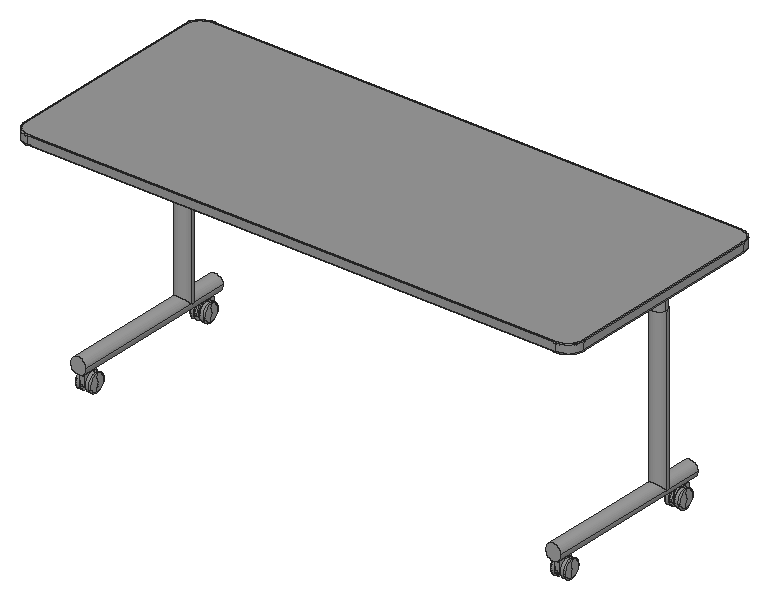
Revit family "Trios C Leg 7230 - Adjustable", category Generic Models, Revit 2018
Family settings
  Can host rebar = No
  Round Connector Dimension = Use Diameter
  Part Type = Normal
  Work Plane-Based = No
  Always vertical = Yes
  Cut with Voids When Loaded = No
  Shared = No
  Room Calculation Point = No
Parameters
  Table Height = 2' - 5 1/2"
  Surface = Trio C-Adj Leg 7230 Surface
  Leg Finish = Trio Leg Platinum
  Grommets = Trios 7230 Tabletop : Trios 7230 Tabletop
  Edgeband = Trio C-Adj Leg 7230 Edgeband
  Caster/Glider = Trios C Leg Adjustable - Casters : Trios C Leg Adjustable - Casters
Reference planes (in)
  plane 1 "Center (Front/Back)": y = 0
  plane 2: z = 0
  plane 3 "Center (Left/Right)": x = 0
  plane 4: z = 29.5
Dimensions and locks (in)
  "Table Height": plane 4 to level
  aligned and locked: plane 2 to level
  aligned and locked: nested 3 to plane 4
Nested families (in)
  nested 1: "Trios C Leg Adjustable - Casters" at (-30.58071, 0, 0), type <- "Caster/Glider", type "Trios C Leg Adjustable - Casters"
    with Leg Height 2' - 5 1/2"
  nested 2: "Trios C Leg Adjustable - Casters" at (30.58071, 0, 0) x (-1, 0, 0) z (0, 0, 1), type <- "Caster/Glider", type "Trios C Leg Adjustable - Casters"
    with Leg Height 2' - 5 1/2"
  nested 3: "Trios 7230 Tabletop" at (0, 0, 1.73202), type <- "Grommets", type "Trios 7230 Tabletop"
Definition of nested family "Trios C Leg Adjustable - Casters"
  Parameters (values of type "Trios C Leg Adjustable - Casters")
    Leg Height = 2' - 0.86283"
    Leg Finish = none
  Reference planes (in)
    plane 1 "Center (Front/Back)": y = 0
    plane 2: z = 0
    plane 3 "Center (Left/Right)": x = 0
  Forms (in)
    Revolve 1, solid
      sketch origin (24.58071, -9.2026, 0) x (1, 0, 0) y (0, 0, 1)
        loop
          line (-24.97071, 0.96467) -> (-24.19071, 0.96467) -> (-24.19071, 0) -> (-23.75169, 0)
          arc (-23.75169, 0) -> (-23.6768, 0.03102) -> (-23.64578, 0.10591) r 0.10591
          arc (-23.64578, 0.10591) -> (-23.60985, 0.63116) -> (-23.59787, 1.1575) r 11.56601
          line (-23.59787, 1.1575) -> (-25.56355, 1.1575)
          arc (-25.56355, 1.1575) -> (-25.55156, 0.63116) -> (-25.51564, 0.10591) r 11.56601
          arc (-25.51564, 0.10591) -> (-25.48462, 0.03102) -> (-25.40973, 0) r 0.10591
          line (-25.40973, 0) -> (-24.97071, 0) -> (-24.97071, 0.96467)
        axis (-23.59787, 1.1575) -> (-25.56355, 1.1575)
      angle from 0 to 360
    Extrusion 2, solid
      sketch origin (24.58071, -2.50544, 0) x (0, 1, 0) y (0, 0, 1)
        loop
          line (-7.72966, 0.8701) -> (-5.67751, 0.8701)
          arc (-5.67751, 0.8701) -> (-5.59637, 0.90001) -> (-5.55407, 0.97544) r 0.125
          arc (-5.55407, 0.97544) -> (-5.81666, 1.90885) -> (-6.69716, 2.315) r 1.1575
          line (-6.69716, 2.315) -> (-7.72966, 2.315)
          arc (-7.72966, 2.315) -> (-7.81805, 2.27839) -> (-7.85466, 2.19) r 0.125
          line (-7.85466, 2.19) -> (-7.85466, 0.9951)
          arc (-7.85466, 0.9951) -> (-7.81805, 0.90671) -> (-7.72966, 0.8701) r 0.125
      from -24.89567 to -24.26575
    Revolve 3, solid
      sketch origin (24.58071, -9.99, 0) x (1, 0, 0) y (0, 0, 1)
        loop
          line (-24.58071, 2.74648) -> (-24.58071, 2.315) -> (-24.39321, 2.315) -> (-24.39321, 2.402) -> (-24.26248, 2.402) -> (-24.26248, 2.55948) -> (-24.39321, 2.55948) -> (-24.39321, 2.74648) -> (-24.58071, 2.74648)
        axis (-24.58071, 2.315) -> (-24.58071, 2.74648)
      angle from 0 to 360
    Extrusion 4, solid
      sketch origin (24.58071, -2.50544, 0) x (0, 1, 0) y (0, 0, 1)
        loop
          arc (-5.36095, 1.27372) -> (-5.63909, 1.69661) -> (-5.81774, 2.1702) r 2.29458
          arc (-5.81774, 2.1702) -> (-5.87342, 2.23656) -> (-5.96002, 2.23454) r 0.1
          line (-5.96002, 2.23454) -> (-6.11283, 2.15668)
          arc (-6.11283, 2.15668) -> (-5.66582, 1.68299) -> (-5.54534, 1.04293) r 1.1575
          line (-5.54534, 1.04293) -> (-5.39253, 1.12079)
          arc (-5.39253, 1.12079) -> (-5.34, 1.18966) -> (-5.36095, 1.27372) r 0.1
      from -24.70571 to -24.45571
    Revolve 5, solid
      sketch origin (24.58071, 9.2026, 0) x (1, 0, 0) y (0, 0, -1)
        loop
          line (-24.97071, -0.96467) -> (-24.97071, 0) -> (-25.40973, 0)
          arc (-25.40973, 0) -> (-25.48462, -0.03102) -> (-25.51564, -0.10591) r 0.10591
          arc (-25.51564, -0.10591) -> (-25.55156, -0.63116) -> (-25.56355, -1.1575) r 11.56601
          line (-25.56355, -1.1575) -> (-23.59787, -1.1575)
          arc (-23.59787, -1.1575) -> (-23.60985, -0.63116) -> (-23.64578, -0.10591) r 11.56601
          arc (-23.64578, -0.10591) -> (-23.6768, -0.03102) -> (-23.75169, 0) r 0.10591
          line (-23.75169, 0) -> (-24.19071, 0) -> (-24.19071, -0.96467) -> (-24.97071, -0.96467)
        axis (-23.59787, -1.1575) -> (-25.56355, -1.1575)
      angle from 0 to 360
    Extrusion 6, solid
      sketch origin (24.58071, 2.50544, 0) x (0, -1, 0) y (0, 0, -1)
        loop
          arc (-7.72966, -0.8701) -> (-7.81805, -0.90671) -> (-7.85466, -0.9951) r 0.125
          line (-7.85466, -0.9951) -> (-7.85466, -2.19)
          arc (-7.85466, -2.19) -> (-7.81805, -2.27839) -> (-7.72966, -2.315) r 0.125
          line (-7.72966, -2.315) -> (-6.69716, -2.315)
          arc (-6.69716, -2.315) -> (-5.81666, -1.90885) -> (-5.55407, -0.97544) r 1.1575
          arc (-5.55407, -0.97544) -> (-5.59637, -0.90001) -> (-5.67751, -0.8701) r 0.125
          line (-5.67751, -0.8701) -> (-7.72966, -0.8701)
      from -24.89567 to -24.26575
    Revolve 7, solid
      sketch origin (24.58071, 9.99, 0) x (1, 0, 0) y (0, 0, -1)
        loop
          line (-24.58071, -2.74648) -> (-24.39321, -2.74648) -> (-24.39321, -2.55948) -> (-24.26248, -2.55948) -> (-24.26248, -2.402) -> (-24.39321, -2.402) -> (-24.39321, -2.315) -> (-24.58071, -2.315) -> (-24.58071, -2.74648)
        axis (-24.58071, -2.315) -> (-24.58071, -2.74648)
      angle from 0 to 360
    Extrusion 8, solid
      sketch origin (24.58071, 2.50544, 0) x (0, -1, 0) y (0, 0, -1)
        loop
          arc (-5.36095, -1.27372) -> (-5.34, -1.18966) -> (-5.39253, -1.12079) r 0.1
          line (-5.39253, -1.12079) -> (-5.54534, -1.04293)
          arc (-5.54534, -1.04293) -> (-5.66582, -1.68299) -> (-6.11283, -2.15668) r 1.1575
          line (-6.11283, -2.15668) -> (-5.96002, -2.23454)
          arc (-5.96002, -2.23454) -> (-5.87342, -2.23656) -> (-5.81774, -2.1702) r 0.1
          arc (-5.81774, -2.1702) -> (-5.63909, -1.69661) -> (-5.36095, -1.27372) r 2.29458
      from -24.70571 to -24.45571
    Extrusion 9, solid, material <- "Leg Finish"
      sketch origin (0, 6, 0) x (1, 0, 0) y (0, 1, 0)
        loop
          circle (0, 0) r 1
      from 3.56048 to 24.30283
    Extrusion 10, solid, material <- "Leg Finish"
      sketch origin (0, 0, 0) x (1, 0, 0) y (0, 0, 1)
        loop
          circle (0, 3.56048) r 1
      from -11 to 11
  Dimensions and locks (in)
    "Leg Height": nested 1 to level
    aligned and locked: plane 2 to level
  Automatic sketch dimensions
    Revolve 1 sketch curve to level = 0' - 0"  (x2)
    level to Revolve 1 sketch curve = 0' - 1.1575"
    Revolve 1 sketch curve to plane 3 "Center (Left/Right)" = 0' - 10.58317"
    Revolve 1 sketch curve to plane 3 "Center (Left/Right)" = 0' - 0.98284"
    level to Revolve 1 sketch curve = 0' - 0.10591"  (x2)
    Revolve 1 sketch curve to plane 3 "Center (Left/Right)" = 0' - 0.82902"
    Revolve 1 sketch curve to plane 3 "Center (Left/Right)" = 0' - 0.39"
    plane 3 "Center (Left/Right)" to Revolve 1 sketch curve = 0' - 0.39"
    Revolve 1 sketch curve to Revolve 1 sketch curve = 0' - 0.43902"
    Revolve 1 sketch curve to Revolve 1 sketch curve = 0' - 0.19283"
    Revolve 1 sketch curve to Revolve 1 sketch curve = 0' - 1.15716"
    Revolve 1 sketch curve to Revolve 1 sketch curve = 0' - 0.87716"
    Revolve 1 sketch curve to Revolve 1 sketch curve = 0' - 0"
    level to Extrusion 2 sketch curve = 0' - 0.9951"
    plane 1 "Center (Front/Back)" to Extrusion 2 sketch curve = 0' - 10.3601"
    Extrusion 2 sketch curve to Extrusion 2 sketch curve = 0' - 0 1/8"  (x3)
    Extrusion 2 sketch curve to Extrusion 2 sketch curve = 0' - 1.0325"
    Extrusion 2 sketch curve to Extrusion 2 sketch curve = 0' - 1.01965"
    Extrusion 2 sketch curve to Extrusion 2 sketch curve = 0' - 0.1624"
    Extrusion 2 sketch curve to Extrusion 2 sketch curve = 0' - 1.1949"
    Revolve 3 sketch curve to plane 3 "Center (Left/Right)" = 0' - 0"  (x2)
    plane 3 "Center (Left/Right)" to Revolve 3 sketch curve = 0' - 0 3/16"
    Revolve 3 sketch curve to Revolve 3 sketch curve = 0' - 0 3/16"
    Revolve 3 sketch curve to Revolve 3 sketch curve = 0' - 0.13072"
    level to Revolve 3 sketch curve = 0' - 2.315"
    Revolve 3 sketch curve to Revolve 3 sketch curve = 0' - 0.087"
    Revolve 3 sketch curve to Revolve 3 sketch curve = 0' - 0.15748"
    Revolve 3 sketch curve to Revolve 3 sketch curve = 0' - 0.187"
    Revolve 3 sketch curve to Revolve 3 sketch curve = 0' - 0"
    Revolve 3 sketch curve to Revolve 3 sketch curve = 0' - 0.49875"
    level to Extrusion 4 sketch curve = 0' - 1.1575"
    plane 1 "Center (Front/Back)" to Extrusion 4 sketch curve = 0' - 9.2026"
    level to Extrusion 4 sketch curve = 0' - 2.15668"
    Extrusion 4 sketch curve to Extrusion 4 sketch curve = 0' - 0.58433"
    level to Extrusion 4 sketch curve = 0' - 2.23454"
    Extrusion 4 sketch curve to Extrusion 4 sketch curve = 0' - 0.15281"
    Extrusion 4 sketch curve to Extrusion 4 sketch curve = 0' - 0.0454"  (x2)
    level to Extrusion 4 sketch curve = 0' - 1.04293"
    Extrusion 4 sketch curve to Extrusion 4 sketch curve = 0' - 0.10741"
    level to Extrusion 4 sketch curve = 0' - 1.12079"
    Extrusion 4 sketch curve to Extrusion 4 sketch curve = 0' - 1.84333"
    Extrusion 4 sketch curve to Extrusion 4 sketch curve = 0' - 0.0891"  (x2)
    Extrusion 4 sketch curve to Extrusion 4 sketch curve = 0' - 1.52844"
    Extrusion 4 sketch curve to Extrusion 4 sketch curve = 0' - 0"
    Revolve 5 sketch curve to level = 0' - 0"  (x2)
    level to Revolve 5 sketch curve = 0' - 1.1575"
    Revolve 5 sketch curve to plane 3 "Center (Left/Right)" = 0' - 10.58317"
    Revolve 5 sketch curve to plane 3 "Center (Left/Right)" = 0' - 0.98284"
    level to Revolve 5 sketch curve = 0' - 0.10591"  (x2)
    Revolve 5 sketch curve to plane 3 "Center (Left/Right)" = 0' - 0.82902"
    Revolve 5 sketch curve to plane 3 "Center (Left/Right)" = 0' - 0.39"
    plane 3 "Center (Left/Right)" to Revolve 5 sketch curve = 0' - 0.39"
    Revolve 5 sketch curve to Revolve 5 sketch curve = 0' - 0.43902"
    Revolve 5 sketch curve to Revolve 5 sketch curve = 0' - 0.19283"
    Revolve 5 sketch curve to Revolve 5 sketch curve = 0' - 1.15716"
    Revolve 5 sketch curve to Revolve 5 sketch curve = 0' - 0.87716"
    Revolve 5 sketch curve to Revolve 5 sketch curve = 0' - 0"
    Extrusion 6 sketch curve to level = 0' - 0.9951"
    plane 1 "Center (Front/Back)" to Extrusion 6 sketch curve = 0' - 10.3601"
    Extrusion 6 sketch curve to Extrusion 6 sketch curve = 0' - 0 1/8"  (x3)
    Extrusion 6 sketch curve to Extrusion 6 sketch curve = 0' - 1.0325"
    Extrusion 6 sketch curve to Extrusion 6 sketch curve = 0' - 1.01965"
    Extrusion 6 sketch curve to Extrusion 6 sketch curve = 0' - 0.1624"
    Extrusion 6 sketch curve to Extrusion 6 sketch curve = 0' - 1.1949"
    Revolve 7 sketch curve to plane 3 "Center (Left/Right)" = 0' - 0"  (x2)
    plane 3 "Center (Left/Right)" to Revolve 7 sketch curve = 0' - 0 3/16"
    Revolve 7 sketch curve to Revolve 7 sketch curve = 0' - 0 3/16"
    Revolve 7 sketch curve to Revolve 7 sketch curve = 0' - 0.13072"
    level to Revolve 7 sketch curve = 0' - 2.74648"
    Revolve 7 sketch curve to Revolve 7 sketch curve = 0' - 0.187"
    Revolve 7 sketch curve to Revolve 7 sketch curve = 0' - 0.15748"
    Revolve 7 sketch curve to Revolve 7 sketch curve = 0' - 0.087"
    Revolve 7 sketch curve to Revolve 7 sketch curve = 0' - 0.49875"
    Revolve 7 sketch curve to Revolve 7 sketch curve = 0' - 0"
    Extrusion 8 sketch curve to level = 0' - 1.1575"
    plane 1 "Center (Front/Back)" to Extrusion 8 sketch curve = 0' - 9.2026"
    Extrusion 8 sketch curve to level = 0' - 2.15668"
    Extrusion 8 sketch curve to Extrusion 8 sketch curve = 0' - 0.58433"
    Extrusion 8 sketch curve to level = 0' - 2.23454"
    Extrusion 8 sketch curve to Extrusion 8 sketch curve = 0' - 0.15281"
    Extrusion 8 sketch curve to Extrusion 8 sketch curve = 0' - 0.0454"  (x2)
    Extrusion 8 sketch curve to level = 0' - 1.04293"
    Extrusion 8 sketch curve to Extrusion 8 sketch curve = 0' - 0.10741"
    Extrusion 8 sketch curve to level = 0' - 1.12079"
    Extrusion 8 sketch curve to Extrusion 8 sketch curve = 0' - 1.84333"
    Extrusion 8 sketch curve to Extrusion 8 sketch curve = 0' - 0.0891"  (x2)
    Extrusion 8 sketch curve to Extrusion 8 sketch curve = 0' - 1.52844"
    Extrusion 8 sketch curve to Extrusion 8 sketch curve = 0' - 0"
    Extrusion 9 sketch curve to Extrusion 9 sketch curve = 0' - 0"  (x2)
    Extrusion 9 sketch curve to plane 3 "Center (Left/Right)" = 0' - 0"
    Extrusion 9 sketch curve to plane 1 "Center (Front/Back)" = 0' - 6"
    Extrusion 9 sketch curve to Extrusion 9 sketch curve = 0' - 1"
    Extrusion 10 sketch curve to Extrusion 10 sketch curve = 0' - 0"  (x2)
    Extrusion 10 sketch curve to plane 3 "Center (Left/Right)" = 0' - 0"
    level to Extrusion 10 sketch curve = 0' - 3.56048"
    Extrusion 10 sketch curve to Extrusion 10 sketch curve = 0' - 1"
  Nested families (in)
    nested 1: "Trios Adjustable Top" at (0, 6, 0), type "Trios Adjustable Top"
  Definition of nested family "Trios Adjustable Top"
    Parameters (values of type "Trios Adjustable Top")
      Leg Finish = none
    Reference planes (in)
      plane 1 "Center (Front/Back)": y = 0
      plane 2: z = 0
      plane 3 "Center (Left/Right)": x = 0
    Forms (in)
      Extrusion 1, solid, material <- "Leg Finish"
        sketch origin (0, 0, 0) x (1, 0, 0) y (0, 1, 0)
          loop
            circle (0, 0) r 0.87661
        from 7.06283 to 24.68283
      Extrusion 2, solid, material <- "Leg Finish"
        sketch origin (0, 0, 0) x (1, 0, 0) y (0, 1, 0)
          loop
            line (-2.9995, 3.9995) -> (-2.9995, -3.9995) -> (3, -3.9995) -> (3, 3.9995) -> (-2.9995, 3.9995)
        from 24.68283 to 24.86283
    Dimensions and locks (in)
      aligned and locked: plane 2 to level
Definition of nested family "Trios 7230 Tabletop"
  Parameters (values of type "Trios 7230 Tabletop")
    Surface = none
    Edgeband = none
  Reference planes (in)
    plane 1 "Center (Front/Back)": y = 0
    plane 2: z = 0
    plane 3 "Center (Left/Right)": x = 0
  Forms (in)
    Extrusion 1, solid, material <- "Surface"
      sketch origin (0, 0, 0) x (1, 0, 0) y (0, 1, 0)
        loop
          line (34, 14.79342) -> (-34, 14.79342)
          arc (-34, 14.79342) -> (-35.3307, 14.24223) -> (-35.88189, 12.91153) r 1.88189
          line (-35.88189, 12.91153) -> (-35.88189, -12.91153)
          arc (-35.88189, -12.91153) -> (-35.3307, -14.24223) -> (-34, -14.79342) r 1.88189
          line (-34, -14.79342) -> (34, -14.79342)
          arc (34, -14.79342) -> (35.3307, -14.24223) -> (35.88189, -12.91153) r 1.88189
          line (35.88189, -12.91153) -> (35.88189, 12.91153)
          arc (35.88189, 12.91153) -> (35.3307, 14.24223) -> (34, 14.79342) r 1.88189
      from 27.76798 to 28.96798
    Sweep 2, solid, material <- "Edgeband"
      path origin (0, 0, 0) x (1, 0, 0) y (0, 1, 0)
        loop
          line (34, 14.79342) -> (-34, 14.79342)
          arc (-34, 14.79342) -> (-35.3307, 14.24223) -> (-35.88189, 12.91153) r 1.88189
          line (-35.88189, 12.91153) -> (-35.88189, -12.91153)
          arc (-35.88189, -12.91153) -> (-35.3307, -14.24223) -> (-34, -14.79342) r 1.88189
          line (-34, -14.79342) -> (34, -14.79342)
          arc (34, -14.79342) -> (35.3307, -14.24223) -> (35.88189, -12.91153) r 1.88189
          line (35.88189, -12.91153) -> (35.88189, 12.91153)
          arc (35.88189, 12.91153) -> (35.3307, 14.24223) -> (34, 14.79342) r 1.88189
      profile origin (0, 14.79342, 0) x (0, -1, 0) y (0, 0, 1)
        loop
          arc (0, 28.96798) -> (-0.08352, 28.93339) -> (-0.11811, 28.84987) r 0.11811
          line (-0.11811, 28.84987) -> (-0.11811, 27.88609)
          arc (-0.11811, 27.88609) -> (-0.08352, 27.80257) -> (0, 27.76798) r 0.11811
          line (0, 27.76798) -> (0, 28.96798)
  Dimensions and locks (in)
    aligned and locked: plane 2 to level
